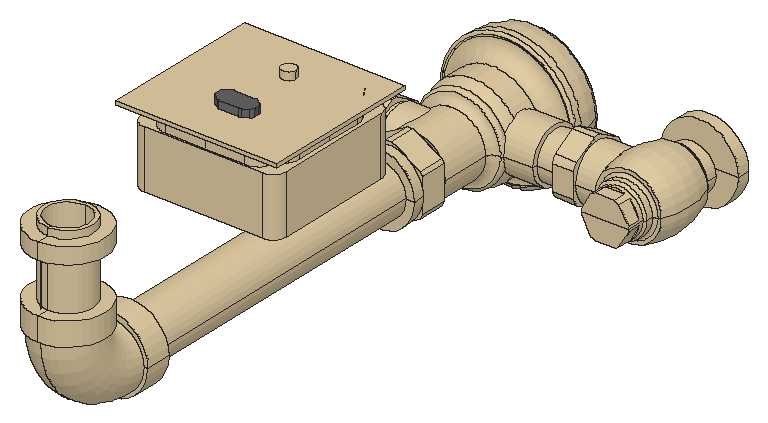
Revit family "Plumbing-Valves-Sloan-ROYAL-603-ESSz", category Plumbing Fixtures, host Face, Revit 2019
Family settings
  Host = Face
  Round Connector Dimension = Use Diameter
  Part Type = Normal
  OmniClass Number = 23.45.05.14.99
  OmniClass Title = Other Sanitary Washing Plumbing Fixtures
  Cut with Voids When Loaded = No
  Shared = No
  Room Calculation Point = No
Parameters (values of type "ROYAL 603 ESS-1.6-OR-HW")
  Water Inlet Connection Diameter = 1"  # constant formula
  Waste Connection = no
  WFU = 0
  Voltage = 24 V
  Vent Connection = no
  Valve Pressure Drop = 0.00 psi
  URL = "www.sloanvalve.com"
  Product data url = "https://www.bimobject.com/sloan_valve/product/flushometers_royal-603-ess"
  Product Material = Sloan Valve - Finish - Rough Brass
  Product Guid = ""  # constant formula
  Power Factor = 0.8
  Part Number = "3018135"
  Operating Water Pressure = "15 – 80 PSI (103 – 552 kPa)"  # constant formula
  Number of Poles = 3
  Model = "ROYAL 603 ESS-1.6-OR-HW"
  Manufacturer = "Sloan Valve"  # constant formula
  Keynote = "15410"
  Height = 16 1/2"  # constant formula
  HWFU = 0
  HW Connection = no
  Flush Rate = "1.6 gpf (6.0 Lpf)"
  Edition number = 1
  Description = "1.6 gpf, Rough Brass Finish, Fixture Connection Rear Spud, Single Flush, Electrical Override, Hardwired, Sensor-Operated, Royal® Concealed Sensor Hardwired Water Closet Flushometer."
  Default Elevation = 0"
  Current = 0 A
  Centerline of Supply to Centerline of Valve = 4 3/4"  # constant formula
  Centerline of Supply from Top of Fixture = 14 1/2"  # constant formula
  CWFU = 0
  CW Connection = yes
  Assembly Code = "D2020300"
  Apparent Load = (Voltage * Current) / (Power Factor * Number of Poles)  # 0 VA
Types (2): name | Part Number | Model | Flush Rate | Description
  ROYAL 603 ESS-1.6-OR-HW | "3018135" | "ROYAL 603 ESS-1.6-OR-HW" | "1.6 gpf (6.0 Lpf)" | "1.6 gpf, Rough Brass Finish, Fixture Connection Rear Spud, Single Flush, Electrical Override, Hardwired, Sensor-Operated, Royal® Concealed Sensor Hardwired Water Closet Flushometer."
  ROYAL 603 ESS-1.28-OR-HW | "3018136" | "ROYAL 603 ESS-1.28-OR-HW" | "1.28 gpf (4.8 Lpf)" | "1.28 gpf, Rough Brass Finish, Fixture Connection Rear Spud, Single Flush, Electrical Override, Hardwired, Sensor-Operated, Royal® Concealed Sensor Hardwired Water Closet Flushometer."
Reference planes (in)
  plane 1 "Center (Front/Back)": y = 0
  plane 2: z = 0
  plane 3 "Center (Left/Right)": x = 0
  plane 4: z = 4.125
  plane 5: y = -14.5
  plane 6: y = -12
Forms (in)
  Extrusion 1, void
    sketch origin (0, 0, 0) x (1, 0, 0) y (0, 1, 0)
      loop
        line (-2.25, -5.5049) -> (-2.25, -10) -> (2.25, -10) -> (2.25, -5.5049) -> (-2.25, -5.5049)
    from -0.10191 to 0
  Extrusion 2, solid, material "Sloan Valve - Finish - Rough Brass" <- "Product Material", not visible, detail levels fine
    sketch origin (0, 0, 0) x (1, 0, 0) y (0, 0, 1)
      loop
        circle (4.75, -4.125) r 0.25
    from 1.24231 to 1.61367
Dimensions and locks (in)
  locked: plane 4 to plane 2 at 4.125
  aligned and locked: plane 2 to host face
  aligned and locked: level to host face
Nested families (in)
  nested 1: "Geometry" at (0, -14.5, 0.625) x (1, 0, 0) z (0, 1, 0), type "Geometry"
Connectors (in)
  piping at (4.75, -1.61367, -4.125), diameter 1, driven by "Water Inlet Connection Diameter", driven by "CWFU", driven by "Valve Pressure Drop"
    settings: on Extrusion 2, index 2, connector inside diameter 24", connector length 0", flow factor 0, pipe flow 0 GPM, pressure drop 0.00 psi, fitting loss kfactor 0, connector angle 0.00°, fixture units 0, engagement length 0", angle of deflection 0.00°, flow configuration 3, flow direction 1, fitting loss method 4, system type 20, joint type 0, gender type 0, connector reference index -1, connector utility 0, adjustable connector no, is connector primary yes, connector description "Water Inlet Connection"
  electrical at (0.03184, -7.76539, -2.04637), driven by "Number of Poles", driven by "Apparent Load", driven by "Power Factor", driven by "Voltage", driven by "Apparent Load", driven by "Apparent Load"
    settings: on nested 1, index 3, voltage 24 V, apparent load 0 VA, apparent load phase1 0 VA, apparent load phase2 0 VA, apparent load phase3 0 VA, power factor 0.8, load classification "Other", number of poles 3, system type 31, power factor state 1, is connector primary yes, connector utility no, sub classification motor no, connector description "Electrical Connection"
Definition of nested family "Geometry"
  Parameters (values of type "Geometry")
    URL = ""
    Product Material = none
    Model = ""
    Manufacturer = ""
    Description = ""
    Default Elevation = 0"
    Cost = 0
    Assembly Code = ""
  Reference planes (in)
    plane 1 "Center (Front/Back)": y = 0.625
    plane 2: z = 0
    plane 3 "Center (Left/Right)": x = 0
    plane 4: x = 4.75
    plane 5: y = 4.75
    plane 6: z = 14.5
    plane 7: z = 2.5
    plane 8: z = 4.5
    plane 9: x = -2.75
    plane 10: z = 13
    plane 11: y = 3.82877
  Forms (in)
    Extrusion 1, solid, material <- "Product Material"
      sketch origin (0, 0.44844, -29.61317) x (1, 0, 0) y (0, 0, 1)
        loop
          arc (2.06184, 38.00278) -> (1.95201, 38.26795) -> (1.68684, 38.37778) r 0.375
          line (1.68684, 38.37778) -> (-1.62316, 38.37778)
          arc (-1.62316, 38.37778) -> (-1.88832, 38.26795) -> (-1.99816, 38.00278) r 0.375
          line (-1.99816, 38.00278) -> (-1.99816, 34.69278)
          arc (-1.99816, 34.69278) -> (-1.88832, 34.42762) -> (-1.62316, 34.31778) r 0.375
          line (-1.62316, 34.31778) -> (1.68684, 34.31778)
          arc (1.68684, 34.31778) -> (1.95201, 34.42762) -> (2.06184, 34.69278) r 0.375
          line (2.06184, 34.69278) -> (2.06184, 38.00278)
      from -2.22293 to -0.59643
    Extrusion 2, solid, material <- "Product Material"
      sketch origin (0, 0.44844, -29.61317) x (1, 0, 0) y (0, 0, 1)
        loop
          line (1.84104, 37.65284) -> (1.56433, 38.06929)
          arc (1.56433, 38.06929) -> (1.37329, 38.24251) -> (1.12286, 38.30403) r 0.52567
          line (1.12286, 38.30403) -> (0.01995, 38.30403) -> (-1.08295, 38.30403)
          arc (-1.08295, 38.30403) -> (-1.33339, 38.24251) -> (-1.52443, 38.06929) r 0.52567
          line (-1.52443, 38.06929) -> (-1.80114, 37.65284)
          arc (-1.80114, 37.65284) -> (-1.86754, 37.5155) -> (-1.89455, 37.36537) r 0.56192
          line (-1.89455, 37.36537) -> (-1.89455, 36.34778) -> (-1.89455, 35.33019)
          arc (-1.89455, 35.33019) -> (-1.86754, 35.18006) -> (-1.80114, 35.04272) r 0.56192
          line (-1.80114, 35.04272) -> (-1.52443, 34.62627)
          arc (-1.52443, 34.62627) -> (-1.33339, 34.45305) -> (-1.08295, 34.39153) r 0.52567
          line (-1.08295, 34.39153) -> (0.01995, 34.39153) -> (1.12286, 34.39153)
          arc (1.12286, 34.39153) -> (1.37329, 34.45305) -> (1.56433, 34.62627) r 0.52567
          line (1.56433, 34.62627) -> (1.84104, 35.04272)
          arc (1.84104, 35.04272) -> (1.90744, 35.18006) -> (1.93445, 35.33019) r 0.56192
          line (1.93445, 35.33019) -> (1.93445, 36.34778) -> (1.93445, 37.36537)
          arc (1.93445, 37.36537) -> (1.90744, 37.5155) -> (1.84104, 37.65284) r 0.56192
      from -0.59643 to -0.17656
    Extrusion 3, solid
      sketch origin (-0.17143, 0.52309, -29.61317) x (1, 0, 0) y (0, 0, 1)
        loop
          arc (-0.31252, 35.72145) -> (-0.35827, 35.67569) -> (-0.37502, 35.61319) r 0.125
          line (-0.37502, 35.61319) -> (-0.37502, 35.46915)
          arc (-0.37502, 35.46915) -> (-0.35827, 35.40665) -> (-0.31252, 35.3609) r 0.125
          line (-0.31252, 35.3609) -> (-0.16675, 35.27674)
          arc (-0.16675, 35.27674) -> (-0.1366, 35.26425) -> (-0.10425, 35.25999) r 0.125
          line (-0.10425, 35.25999) -> (0.44711, 35.25999)
          arc (0.44711, 35.25999) -> (0.47946, 35.26425) -> (0.50961, 35.27674) r 0.125
          line (0.50961, 35.27674) -> (0.66901, 35.36877)
          arc (0.66901, 35.36877) -> (0.71477, 35.41453) -> (0.73151, 35.47703) r 0.125
          line (0.73151, 35.47703) -> (0.73151, 35.60771)
          arc (0.73151, 35.60771) -> (0.71477, 35.67021) -> (0.66901, 35.71597) r 0.125
          line (0.66901, 35.71597) -> (0.51784, 35.80325)
          arc (0.51784, 35.80325) -> (0.48769, 35.81574) -> (0.45534, 35.81999) r 0.125
          line (0.45534, 35.81999) -> (-0.10833, 35.81999)
          arc (-0.10833, 35.81999) -> (-0.14069, 35.81574) -> (-0.17083, 35.80325) r 0.125
          line (-0.17083, 35.80325) -> (-0.31252, 35.72145)
      from 0 to 0.20281
    Extrusion 4, solid, material <- "Product Material"
      sketch origin (-0.05489, 0.44844, -29.61317) x (1, 0, 0) y (0, 0, 1)
        loop
          line (2.30489, 38.60827) -> (-2.19511, 38.60827) -> (-2.19511, 34.11317) -> (2.30489, 34.11317) -> (2.30489, 38.60827)
      from -0.17656 to -0.07465
    Extrusion 5, solid, material <- "Product Material"
      sketch origin (-0.17143, 0.52309, -29.61317) x (1, 0, 0) y (0, 0, 1)
        loop
          circle (0.17327, 37.35353) r 0.19877
      from 0 to 0.20115
    Sweep 6, solid, material <- "Product Material"
      path origin (0, 1.44339, -14.9845) x (0, 1, 0) y (0, 0, 1)
        loop
          arc (1.90302, 14.97343) -> (3.00751, 15.49635) -> (3.30109, 16.6826) r 1.42544
      profile origin (0, 4.4509, 0.51185) x (0, -0.774032, 0.633146) y (1, 0, 0)
        loop
          circle (0, 0) r 0.9375
    Extrusion 7, solid, material <- "Product Material"
      sketch origin (0, 7.54098, 41.1292) x (1, 0, 0) y (0, 0, -1)
        loop
          line (-1.92322, 30.05657) -> (-3.22239, 30.05657)
          arc (-3.22239, 30.05657) -> (-3.37056, 29.9952) -> (-3.43193, 29.84703) r 0.20954
          line (-3.43193, 29.84703) -> (-3.43193, 29.13404)
          arc (-3.43193, 29.13404) -> (-3.40252, 28.89329) -> (-3.31601, 28.66671) r 1
          arc (-3.31601, 28.66671) -> (-3.28931, 28.61918) -> (-3.26022, 28.57309) r 1.06598
          arc (-3.26022, 28.57309) -> (-3.20346, 28.45297) -> (-3.18399, 28.32156) r 0.45307
          line (-3.18399, 28.32156) -> (-3.18399, 27.05023) -> (-1.92322, 27.05023) -> (-1.92322, 30.05657)
      from -3.71221 to -1.86975
    Revolve 8, solid, material <- "Product Material"
      sketch origin (0, 0.20833, 0) x (0, 1, 0) y (0, 0, 1)
        loop
          line (3.14808, 0.58661) -> (3.14808, 1.04551) -> (2.49208, 1.04551) -> (2.49208, 0.69315) -> (1.08254, 0.69315) -> (1.08254, 1.04573) -> (0.625, 1.04573) -> (0.625, 0.69315) -> (0.41667, 0.69315) -> (0.41667, 0.58661) -> (3.14808, 0.58661)
        axis (0.41667, 0) -> (3.14808, 0)
      angle from 0 to 360
    Revolve 9, solid, material <- "Product Material"
      sketch origin (0, 4.75, -0.12616) x (1, 0, 0) y (0, 0, 1)
        loop
          line (1.06784, 2.31063) -> (0.74383, 2.31063) -> (0.74383, 11.03158) -> (1.00392, 11.03158) -> (0.9769, 11.34043) -> (0.90004, 11.34043) -> (0.90004, 11.38322) -> (1.05861, 11.38322) -> (1.05861, 12.12155) -> (0.87135, 12.12155) -> (0.87135, 12.22434) -> (0.91823, 12.22434) -> (0.91823, 13.60198)
          arc (0.91823, 13.60198) -> (1.0023, 13.7587) -> (1.16769, 13.82406) r 0.25859
          arc (1.16769, 13.82406) -> (1.23406, 13.91152) -> (1.19894, 14.01555) r 0.11722
          arc (1.19894, 14.01555) -> (1.28072, 14.16875) -> (1.32252, 14.33732) r 0.7043
          line (1.32252, 14.33732) -> (1.32252, 15.03273)
          arc (1.32252, 15.03273) -> (1.45622, 15.35551) -> (1.77901, 15.48921) r 0.45648
          line (1.77901, 15.48921) -> (1.81835, 15.48921)
          arc (1.81835, 15.48921) -> (1.87055, 15.51083) -> (1.89217, 15.56303) r 0.07382
          line (1.89217, 15.56303) -> (1.89217, 15.76106)
          arc (1.89217, 15.76106) -> (1.85973, 16.09799) -> (1.76359, 16.42254) r 1.7658
          arc (1.76359, 16.42254) -> (1.66259, 16.55141) -> (1.50847, 16.6067) r 0.29544
          line (1.50847, 16.6067) -> (0.98921, 16.64577) -> (0.98921, 16.89854) -> (0, 16.89854) -> (0, 1.59775) -> (1.06784, 1.59775) -> (1.06784, 2.31063)
        axis (0, 16.89854) -> (0, 1.59775)
      angle from 0 to 360
    Revolve 10, solid, material <- "Product Material"
      sketch origin (0, 4.75, -0.12616) x (1, 0, 0) y (0, 0, 1)
        loop
          line (3.24464, 15.40741) -> (3.24464, 15.53168) -> (2.6464, 15.53168) -> (2.6464, 15.28168) -> (2.0564, 15.28168) -> (2.0564, 15.38987) -> (0.68984, 15.38987) -> (0.68984, 14.62616) -> (4.39319, 14.62616) -> (4.39319, 15.40741) -> (3.24464, 15.40741)
        axis (0.68984, 14.62616) -> (4.39319, 14.62616)
      angle from 0 to 360
    Revolve 11, solid, material <- "Product Material"
      sketch origin (-0.0564, 4.75, -0.17303) x (1, 0, 0) y (0, 0, 1)
        loop
          line (4.8064, 16.72416) -> (4.8064, 13.05936) -> (5.46265, 13.05936) -> (5.46265, 13.55134) -> (5.5368, 13.62549) -> (5.5368, 13.78952)
          arc (5.5368, 13.78952) -> (5.56198, 13.85031) -> (5.62276, 13.87549) r 0.08597
          line (5.62276, 13.87549) -> (5.72812, 13.87549)
          arc (5.72812, 13.87549) -> (5.87102, 14.68143) -> (5.72812, 15.48737) r 2.3441
          arc (5.72812, 15.48737) -> (5.66409, 15.54506) -> (5.63313, 15.62549) r 0.18506
          line (5.63313, 15.62549) -> (5.46265, 15.62549) -> (5.46265, 16.11349) -> (5.04072, 16.11349) -> (5.04072, 16.38416) -> (5.89047, 16.38416) -> (5.89047, 16.72416)
          arc (5.89047, 16.72416) -> (5.34843, 16.59063) -> (4.8064, 16.72416) r 1.16695
        axis (4.8064, 13.05936) -> (4.8064, 16.72416)
      angle from 0 to 360
    Revolve 12, solid, material <- "Product Material"
      sketch origin (0, 4.75, -0.1547) x (1, 0, 0) y (0, 0, 1)
        loop
          line (-0.16899, 12.32458) -> (-0.16899, 13.1547) -> (-3.06041, 13.1547) -> (-3.06041, 12.37443) -> (-1.7046, 12.37443) -> (-1.7046, 12.22666) -> (-1.231, 12.22666) -> (-1.231, 12.37443) -> (-1.13647, 12.37443) -> (-1.08662, 12.32458) -> (-0.16899, 12.32458)
        axis (-3.06041, 13.1547) -> (-0.16899, 13.1547)
      angle from 0 to 360
    Revolve 13, solid
      sketch origin (0, 4.75, 0.11467) x (1, 0, 0) y (0, 0, 1)
        loop
          line (-3.14164, 13.31393) -> (-3.27483, 13.31393) -> (-3.27483, 13.10981) -> (-3.39164, 13.10981) -> (-3.39164, 12.88033) -> (-3.14164, 12.88033) -> (-3.14164, 13.31393)
        axis (-3.39164, 12.88033) -> (-3.14164, 12.88033)
      angle from 0 to 360
    Extrusion 14, void
      sketch origin (0, 0, 0) x (0, 1, 0) y (0, 0, 1)
        loop
          line (5.67122, 13) -> (5.81847, 13) -> (5.81847, 14.21116) -> (3.68153, 14.21116) -> (3.68153, 13) -> (3.82878, 13)
          arc (3.82878, 13) -> (4.75, 13.91623) -> (5.67122, 13) r 0.92123
      from -3.71872 to -1.89455
    Extrusion 15, void
      sketch origin (0, 0, 0) x (0, 1, 0) y (0, 0, 1)
        loop
          circle (4.75, 12.995) r 1.15297
        loop
          line (3.78858, 12.995) -> (4.26929, 12.16238) -> (5.23071, 12.16238) -> (5.71142, 12.995) -> (5.23071, 13.82761) -> (4.26929, 13.82761) -> (3.78858, 12.995)
      from -1.7046 to -1.231
    Extrusion 16, void
      sketch origin (-12.99442, 0, 11.52108) x (0, 1, 0) y (1, 0, 0.000471)
        loop
          circle (4.75, 12.995) r 1.36118
        loop
          line (5.29984, 13.94237) -> (4.20016, 13.94237) -> (3.65032, 12.99002) -> (4.20016, 12.03767) -> (5.29984, 12.03767) -> (5.84968, 12.99002) -> (5.29984, 13.94237)
      from -0.57098 to 0.31292
    Extrusion 17, void
      sketch origin (4.47563, 0, 1.50565) x (0, 1, 0) y (0, 0, 1)
        loop
          circle (4.75, 12.995) r 1.15297
        loop
          line (3.78858, 12.995) -> (4.26929, 12.16238) -> (5.23071, 12.16238) -> (5.71142, 12.995) -> (5.23071, 13.82761) -> (4.26929, 13.82761) -> (3.78858, 12.995)
      from -1.82924 to -1.231
    Extrusion 18, void
      sketch origin (0, 0, 0) x (1, 0, 0) y (0, 1, 0)
        loop
          circle (4.75, 4.75) r 1.29187
        loop
          line (5.09639, 5.34996) -> (4.40361, 5.34996) -> (4.05722, 4.75) -> (4.40361, 4.15004) -> (5.09639, 4.15004) -> (5.44278, 4.75) -> (5.09639, 5.34996)
      from 12.61689 to 13.25769
  Cuts and joins
    Extrusion 14, Extrusion 16, Extrusion 17 cuts Revolve 9
    Extrusion 14, Extrusion 17 cuts Revolve 10
    Extrusion 18 cuts Revolve 11
    joined: Sweep 6, Revolve 8, Revolve 9, Revolve 10, Revolve 11
    Extrusion 14 cuts Extrusion 7
    Extrusion 15, Extrusion 16, Extrusion 17 cuts Revolve 12
  Lines and regions (in)
    Masking region 1
      outline origin (0, 0, 0) x (1, 0, 0) y (0, 1, 0)
        loop
          arc (-1.74313, 3.96645) -> (-1.45571, 3.51185) -> (-1.05304, 3.1553) r 1.91152
          line (-1.05304, 3.1553) -> (-1.05304, 2.67137) -> (-1.99816, 2.67137) -> (-1.99816, 1.04487) -> (-1.89455, 1.04487) -> (-1.89455, 0.625) -> (-2.25, 0.625) -> (-2.25, 0.52309) -> (-0.54645, 0.52309) -> (-0.54645, 0.32028) -> (0.56008, 0.32028) -> (0.56008, 0.52309) -> (2.25, 0.52309) -> (2.25, 0.625) -> (1.93445, 0.625) -> (1.93445, 1.04487) -> (2.06184, 1.04487) -> (2.06184, 2.67137) -> (1.05304, 2.67137) -> (1.05304, 3.15503)
          arc (1.05304, 3.15503) -> (1.46298, 3.51994) -> (1.75233, 3.98629) r 1.91152
          line (1.75233, 3.98629) -> (2.0564, 3.98629) -> (2.0564, 4.09448) -> (2.6464, 4.09448) -> (2.6464, 3.85104) -> (3.24464, 3.85104) -> (3.24464, 3.96875) -> (3.99843, 3.96875)
          arc (3.99843, 3.96875) -> (5.83407, 4.75) -> (3.99843, 5.53125) r 1.08407
          line (3.99843, 5.53125) -> (3.24464, 5.53125) -> (3.24464, 5.65552) -> (2.6464, 5.65552) -> (2.6464, 5.40552) -> (2.0564, 5.40552) -> (2.0564, 5.51371) -> (1.75275, 5.51371)
          arc (1.75275, 5.51371) -> (0.01106, 6.66197) -> (-1.74356, 5.53355) r 1.91152
          line (-1.74356, 5.53355) -> (-1.92322, 5.53355) -> (-1.92322, 5.67123) -> (-3.43193, 5.67123) -> (-3.43193, 3.82877) -> (-1.92322, 3.82877) -> (-1.92322, 3.96645) -> (-1.74313, 3.96645)
    symbolic lines, detail levels medium+fine
      curve 1: line (-1.05304, 2.67137, 0) -> (1.05304, 2.67137, 0)
      curve 2: line (-1.89455, 1.04487, 0) -> (1.93445, 1.04487, 0)
      curve 3: line (1.93445, 0.625, 0) -> (-1.89455, 0.625, 0)
      curve 4: arc (3.99843, 5.53125, 0) -> (3.66593, 4.75, 0) -> (3.99843, 3.96875, 0) r 1.08407
      curve 5: arc (-1.74356, 5.53355, 0) -> (-1.91132, 4.74995, 0) -> (-1.74313, 3.96645, 0) r 1.91152
      curve 6: arc (-1.0493, 3.15284, 0) -> (0.0027, 2.83896, 0) -> (1.05389, 3.15559, 0) r 1.91152
      curve 7: arc (1.75233, 3.98629, 0) -> (1.91173, 4.74996, 0) -> (1.75275, 5.51371, 0) r 1.91152
    symbolic lines, detail levels fine
      curve 8: line (2.0564, 5.40552, 0) -> (2.0564, 4.09448, 0)
      curve 9: line (2.6464, 5.40552, 0) -> (2.6464, 4.09448, 0)
      curve 10: line (3.24464, 5.53125, 0) -> (3.24464, 3.96875, 0)
      curve 11: line (-1.92322, 5.53355, 0) -> (-1.92322, 3.96645, 0)
      curve 12: line (-0.54645, 0.52309, 0) -> (0.56008, 0.52309, 0)
      curve 13: circle (0, 4.75, 0) r 0.98921 normal (0, 0, 1)
      curve 14: line (-3.18399, 5.67123, 0) -> (-3.18399, 3.82878, 0)
      curve 15: line (-3.27483, 5.18491, 0) -> (-3.27483, 4.31641, 0)
      curve 16: line (-3.39164, 4.97948, 0) -> (-3.39164, 4.52052, 0)
      curve 17: line (-3.39164, 4.97948, 0) -> (-3.27483, 4.97948, 0)
      curve 18: line (-3.27483, 5.18491, 0) -> (-3.18399, 5.18491, 0)
      curve 19: line (-3.39164, 4.52052, 0) -> (-3.27483, 4.52052, 0)
      curve 20: line (-3.27483, 4.31641, 0) -> (-3.18399, 4.31641, 0)
      curve 21: line (3.24464, 5.29373, 0) -> (2.6464, 5.29373, 0)
      curve 22: line (3.24464, 4.39554, 0) -> (2.6464, 4.39554, 0)
  Dimensions and locks (in)
    plane 6 to plane 2 = 14 1/2"
    plane 3 "Center (Left/Right)" to plane 9 = 2 3/4"
    plane 4 to plane 3 "Center (Left/Right)" = 4 3/4"
    plane 8 to plane 7 = 2"
